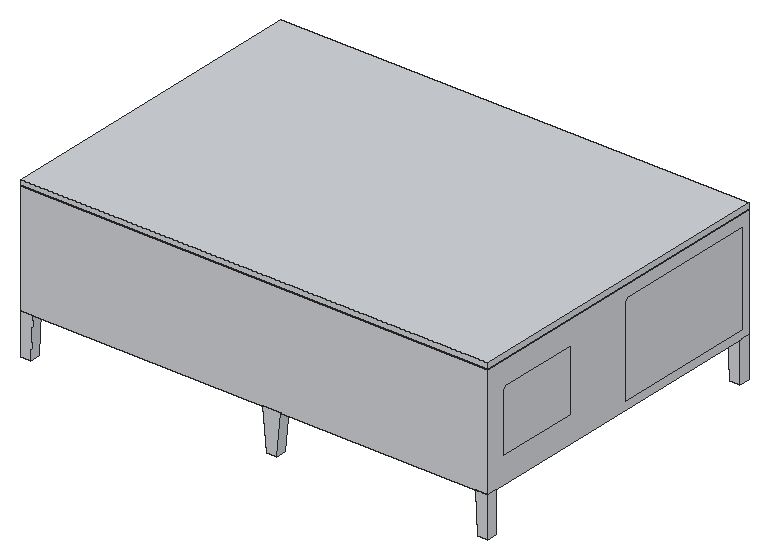
Revit family "AHU 3 _3", category Mechanické zařízení, Revit 2018
Family settings
  Kóta kulaté spojky = Použít průměr
  Typ dílu = Normální
  Číslo OmniClass = 23.75.00.00
  Nadpis OmniClass = Climate Control (HVAC)
  Založené na pracovní rovině = Ne
  Vždy vertikální = Ano
  Ořezat dutým tvarem při načtení = Ne
  Sdílené = Ne
  Bod výpočtu místnosti = Ne
Parameters (values of type "DUPLEXVENT 2500 Multi")
  Width [instance] = 1.6 mm
  Weight [instance] = 324.00 kg
  URL = ""
  Type [instance] = "DUPLEXVENT 2500 Multi"
  Total_SFP [instance] = 0
  Supply_outlet_hum [instance] = 90
  Supply_inlet_hum [instance] = 90
  Supply_ext_pressure [instance] = 0.0 Pa
  Supply_SFP [instance] = 0
  Source_adu_file [instance] = ""
  Recuperation_type [instance] = "Plate heat recovery exchanger"
  Recuperation_efficiency_EN308 [instance] = 0
  Project_name [instance] = ""
  Project_date [instance] = "9.8.2023"
  Power_supply_fusing [instance] = "0"
  Power_supply_cable [instance] = "0"
  Position [instance] = "AHU 3 "
  Phases_count [instance] = 3
  Panel_thickness [instance] = 0.06 mm
  Outer_surface [instance] = "RAL 9002"
  Length [instance] = 2.3 mm
  Insulation_type [instance] = "PUR"
  Insulation_thickness [instance] = 0.05 mm
  Installation_environment [instance] = ""
  Input_power_max [instance] = 5000 W
  Inner_surface [instance] = "Pozink"
  I2 [instance] = I1  # 0.0 L/s
  Height [instance] = 0.58 mm
  Exhaust_outlet_hum [instance] = 0
  Exhaust_inlet_hum [instance] = 40
  Exhaust_ext_pressure [instance] = 0.0 Pa
  Exhaust_SFP [instance] = 0
  E1 [instance] = E2 - M1  # 0.0 L/s
  E2 [instance] = 0.0 L/s
  I1 [instance] = 0.0 L/s
  Description = ""
  M1 [instance] = 0.0 L/s
  Device_dutypoint_version [instance] = "2"
  Device_design_version [instance] = "17"
  Device_adu_id [instance] = "3"
  Current_max [instance] = 8 A
  Casing_mat [instance] = "painted zinc layer"
  Cable type [instance] = "CYKY 5Jx2,5"
Reference planes
  plane 1 "Střed (vpředu/vzadu)": y = 0
  plane 2 "ref": z = 0
  plane 3 "Střed (vlevo/vpravo)": x = 0
Forms (mm)
  Sweep 1, solid
    path origin (0, 0, -550) x (0, 0, 1) y (1, 0, 0)
      loop
        line (0, 0) -> (550, 0)
    profile origin (0, 0, -550) x (1, 0, 0) y (0, 1, 0)
      loop
        line (0, 0) -> (2300, 0) -> (2300, 1600) -> (0, 1600) -> (0, 0)
  Sweep 2, solid
    path origin (0, 0, 0) x (0, 0, 1) y (1, 0, 0)
      loop
        line (0, 0) -> (30, 0)
    profile origin (0, 0, 0) x (1, 0, 0) y (0, 1, 0)
      loop
        line (0, 0) -> (2300, 0) -> (2300, 1600) -> (0, 1600) -> (0, 0)
  Sweep 3, solid
    path origin (1, 300, -270) x (0, 1, 0) y (-1, 0, 0)
      loop
        line (0, 0) -> (0, 1)
    profile origin (1, 300, -270) x (0, -1, 0) y (0, 0, 1)
      loop
        line (-200, 150) -> (-200, -150) -> (200, -150) -> (200, 150) -> (-200, 150)
  Sweep 4, solid
    path origin (2299, 1205, -285) x (1, 0, 0) y (0, 1, 0)
      loop
        line (0, 0) -> (1, 0)
    profile origin (2299, 1205, -285) x (0, 1, 0) y (0, 0, 1)
      loop
        line (355, 225) -> (-355, 225) -> (-355, -225) -> (355, -225) -> (355, 225)
  Sweep 5, solid
    path origin (2299, 300, -270) x (1, 0, 0) y (0, 1, 0)
      loop
        line (0, 0) -> (1, 0)
    profile origin (2299, 300, -270) x (0, 1, 0) y (0, 0, 1)
      loop
        line (200, 150) -> (-200, 150) -> (-200, -150) -> (200, -150) -> (200, 150)
  Sweep 6, solid
    path origin (1, 1205, -285) x (0, 1, 0) y (-1, 0, 0)
      loop
        line (0, 0) -> (0, 1)
    profile origin (1, 1205, -285) x (0, -1, 0) y (0, 0, 1)
      loop
        line (-355, 225) -> (-355, -225) -> (355, -225) -> (355, 225) -> (-355, 225)
  Sweep 7, solid
    path origin (404, 1508, -550) x (0, -1, 0) y (0, 0, 1)
      loop
        line (0, 0) -> (0, -150)
    profile origin (404, 1508, -550) x (-1, 0, 0) y (0, -1, 0)
      loop
        circle (0, 0) r 20
  Sweep 8, solid
    path origin (1208, 1508, -550) x (0, -1, 0) y (0, 0, 1)
      loop
        line (0, 0) -> (0, -150)
    profile origin (1208, 1508, -550) x (-1, 0, 0) y (0, -1, 0)
      loop
        circle (0, 0) r 20
  Sweep 9, solid
    path origin (0, 0, 5) x (0, 0, 1) y (1, 0, 0)
      loop
        line (0, 0) -> (25, 0)
    profile origin (0, 0, 5) x (1, 0, 0) y (0, 1, 0)
      loop
        line (0, 0) -> (2300, 0) -> (2300, 1600) -> (0, 1600) -> (0, 0)
  Sweep 10, solid
    path origin (25, 50, -550) x (1, 0, 0) y (0, 1, 0)
      loop
        line (0, 0) -> (0, -50)
    profile origin (25, 50, -550) x (1, 0, 0) y (0, 0, 1)
      loop
        line (-25, 0) -> (-25, -200) -> (25, -200) -> (35, 0) -> (-25, 0)
  Sweep 11, solid
    path origin (2275, 50, -550) x (1, 0, 0) y (0, 1, 0)
      loop
        line (0, 0) -> (0, -50)
    profile origin (2275, 50, -550) x (1, 0, 0) y (0, 0, 1)
      loop
        line (-35, 0) -> (-25, -200) -> (25, -200) -> (25, 0) -> (-35, 0)
  Sweep 12, solid
    path origin (25, 1600, -550) x (1, 0, 0) y (0, 1, 0)
      loop
        line (0, 0) -> (0, -50)
    profile origin (25, 1600, -550) x (1, 0, 0) y (0, 0, 1)
      loop
        line (-25, 0) -> (-25, -200) -> (25, -200) -> (35, 0) -> (-25, 0)
  Sweep 13, solid
    path origin (2275, 1600, -550) x (1, 0, 0) y (0, 1, 0)
      loop
        line (0, 0) -> (0, -50)
    profile origin (2275, 1600, -550) x (1, 0, 0) y (0, 0, 1)
      loop
        line (-35, 0) -> (-25, -200) -> (25, -200) -> (25, 0) -> (-35, 0)
  Sweep 14, solid
    path origin (1237, 50, -550) x (1, 0, 0) y (0, 1, 0)
      loop
        line (0, 0) -> (0, -50)
    profile origin (1237, 50, -550) x (1, 0, 0) y (0, 0, 1)
      loop
        line (-45, 0) -> (-25, -200) -> (25, -200) -> (45, 0) -> (-45, 0)
  Sweep 15, solid
    path origin (1063, 1600, -550) x (1, 0, 0) y (0, 1, 0)
      loop
        line (0, 0) -> (0, -50)
    profile origin (1063, 1600, -550) x (1, 0, 0) y (0, 0, 1)
      loop
        line (-45, 0) -> (-25, -200) -> (25, -200) -> (45, 0) -> (-45, 0)
  Sweep 16, solid
    path origin (1150, 830, -550) x (1, 0, 0) y (0, 1, 0)
      loop
        line (0, 0) -> (0, -50)
    profile origin (1150, 830, -550) x (1, 0, 0) y (0, 0, 1)
      loop
        line (-45, 0) -> (-25, -200) -> (25, -200) -> (45, 0) -> (-45, 0)
  Sweep 17, solid
    path origin (0, 0, -473) x (0, 0, 1) y (1, 0, 0)
      loop
        line (0, 0) -> (305, 0)
    profile origin (0, 0, -473) x (1, 0, 0) y (0, 1, 0)
      loop
        line (575, 1600) -> (980, 1600) -> (980, 1690) -> (575, 1690) -> (575, 1600)
  Sweep 18, solid
    path origin (575, 1645, -321) x (0, 0, -1) y (1, 0, 0)
      loop
        line (0, 0) -> (0, -1)
    profile origin (575, 1645, -321) x (0, 0, -1) y (0, -1, 0)
      loop
        circle (0, 0) r 10
Lines and regions (mm)
  model lines, style "Symbol"
    curve 1: line (943, 0, 30) -> (943, 320, 30)
    curve 2: line (943, 1600, 30) -> (943, 1280, 30)
    curve 3: line (0, 800, 30) -> (463, 800, 30)
    curve 4: line (2300, 800, 30) -> (1423, 800, 30)
    curve 5: line (463, 800, 30) -> (703, 1280, 30)
    curve 6: line (703, 1280, 30) -> (1183, 1280, 30)
    curve 7: line (1183, 1280, 30) -> (1423, 800, 30)
    curve 8: line (1423, 800, 30) -> (1183, 320, 30)
    curve 9: line (1183, 320, 30) -> (943, 320, 30)
    curve 10: line (943, 320, 30) -> (703, 320, 30)
    curve 11: line (703, 320, 30) -> (463, 800, 30)
    curve 12: line (1948, 1314, 30) -> (2204, 1270, 30)
    curve 13: line (1948, 1086, 30) -> (2204, 1130, 30)
    curve 14: line (352, 1086, 30) -> (96, 1130, 30)
    curve 15: line (352, 1314, 30) -> (96, 1270, 30)
    curve 16: line (46, 160, 30) -> (46, 640, 30)
    curve 17: line (46, 640, 30) -> (184, 640, 30)
    curve 18: line (184, 640, 30) -> (184, 160, 30)
    curve 19: line (184, 160, 30) -> (46, 160, 30)
    curve 20: line (115, 160, 30) -> (184, 400, 30)
    curve 21: line (115, 640, 30) -> (184, 400, 30)
    curve 22: line (2254, 640, 30) -> (2254, 160, 30)
    curve 23: line (2254, 160, 30) -> (2116, 160, 30)
    curve 24: line (2116, 160, 30) -> (2116, 640, 30)
    curve 25: line (2116, 640, 30) -> (2254, 640, 30)
    curve 26: line (2185, 640, 30) -> (2116, 400, 30)
    curve 27: line (2185, 160, 30) -> (2116, 400, 30)
    curve 28: line (616, 280, 30) -> (398, 708, 30)
    curve 29: line (398, 708, 30) -> (470, 744, 30)
    curve 30: line (470, 744, 30) -> (688, 316, 30)
    curve 31: line (688, 316, 30) -> (616, 280, 30)
    curve 32: line (485, 554, 30) -> (513, 641, 30)
    curve 33: line (573, 383, 30) -> (601, 470, 30)
    curve 34: line (378, 1508, -550) -> (430, 1508, -550)
    curve 35: line (404, 1482, -550) -> (404, 1534, -550)
    curve 36: line (1182, 1508, -550) -> (1234, 1508, -550)
    curve 37: line (1208, 1482, -550) -> (1208, 1534, -550)
    curve 38: line (0, 0, 1230) -> (0, 0, 30)
    curve 39: line (2300, 0, 1230) -> (2300, 0, 30)
    curve 40: line (0, 0, 1230) -> (2300, 0, 1230)
    curve 41: line (0, 1600, 1230) -> (0, 1600, 30)
    curve 42: line (2300, 1600, 1230) -> (2300, 1600, 30)
    curve 43: line (0, 1600, 1230) -> (2300, 1600, 1230)
    curve 44: line (0, 0, 1230) -> (0, 1600, 1230)
    curve 45: line (2300, 0, 1230) -> (2300, 1600, 1230)
    curve 46: line (0, 1400, 1230) -> (200, 1600, 1230)
    curve 47: line (0, 1200, 1230) -> (400, 1600, 1230)
    curve 48: line (0, 1000, 1230) -> (600, 1600, 1230)
    curve 49: line (0, 800, 1230) -> (800, 1600, 1230)
    curve 50: line (0, 600, 1230) -> (1000, 1600, 1230)
    curve 51: line (0, 400, 1230) -> (1200, 1600, 1230)
    curve 52: line (0, 200, 1230) -> (1400, 1600, 1230)
    curve 53: line (0, 0, 1230) -> (1600, 1600, 1230)
    curve 54: line (200, 0, 1230) -> (1800, 1600, 1230)
    curve 55: line (400, 0, 1230) -> (2000, 1600, 1230)
    curve 56: line (600, 0, 1230) -> (2200, 1600, 1230)
    curve 57: line (800, 0, 1230) -> (2300, 1500, 1230)
    curve 58: line (1000, 0, 1230) -> (2300, 1300, 1230)
    curve 59: line (1200, 0, 1230) -> (2300, 1100, 1230)
    curve 60: line (1400, 0, 1230) -> (2300, 900, 1230)
    curve 61: line (1600, 0, 1230) -> (2300, 700, 1230)
    curve 62: line (1800, 0, 1230) -> (2300, 500, 1230)
    curve 63: line (2000, 0, 1230) -> (2300, 300, 1230)
    curve 64: line (2200, 0, 1230) -> (2300, 100, 1230)
    curve 65: line (2300, 1400, 1230) -> (2300, 1600, 1030)
    curve 66: line (2300, 1200, 1230) -> (2300, 1600, 830)
    curve 67: line (2300, 1000, 1230) -> (2300, 1600, 630)
    curve 68: line (2300, 800, 1230) -> (2300, 1600, 430)
    curve 69: line (2300, 600, 1230) -> (2300, 1600, 230)
    curve 70: line (2300, 400, 1230) -> (2300, 1600, 30)
    curve 71: line (2300, 200, 1230) -> (2300, 1400, 30)
    curve 72: line (2300, 0, 1230) -> (2300, 1200, 30)
    curve 73: line (2300, 0, 1030) -> (2300, 1000, 30)
    curve 74: line (2300, 0, 830) -> (2300, 800, 30)
    curve 75: line (2300, 0, 630) -> (2300, 600, 30)
    curve 76: line (2300, 0, 430) -> (2300, 400, 30)
    curve 77: line (2300, 0, 230) -> (2300, 200, 30)
    curve 78: line (0, 1600, 1030) -> (200, 1600, 1230)
    curve 79: line (0, 1600, 830) -> (400, 1600, 1230)
    curve 80: line (0, 1600, 630) -> (600, 1600, 1230)
    curve 81: line (0, 1600, 430) -> (800, 1600, 1230)
    curve 82: line (0, 1600, 230) -> (1000, 1600, 1230)
    curve 83: line (0, 1600, 30) -> (1200, 1600, 1230)
    curve 84: line (200, 1600, 30) -> (1400, 1600, 1230)
    curve 85: line (400, 1600, 30) -> (1600, 1600, 1230)
    curve 86: line (600, 1600, 30) -> (1800, 1600, 1230)
    curve 87: line (800, 1600, 30) -> (2000, 1600, 1230)
    curve 88: line (1000, 1600, 30) -> (2200, 1600, 1230)
    curve 89: line (1200, 1600, 30) -> (2300, 1600, 1130)
    curve 90: line (1400, 1600, 30) -> (2300, 1600, 930)
    curve 91: line (1600, 1600, 30) -> (2300, 1600, 730)
    curve 92: line (1800, 1600, 30) -> (2300, 1600, 530)
    curve 93: line (2000, 1600, 30) -> (2300, 1600, 330)
    curve 94: line (2200, 1600, 30) -> (2300, 1600, 130)
    curve 95: line (0, 2320, 0) -> (0, 1600, 0)
    curve 96: line (2300, 2320, 0) -> (2300, 1600, 0)
    curve 97: line (0, 2320, 0) -> (2300, 2320, 0)
    curve 98: line (0, 2320, -550) -> (0, 1600, -550)
    curve 99: line (2300, 2320, -550) -> (2300, 1600, -550)
    curve 100: line (0, 2320, -550) -> (2300, 2320, -550)
    curve 101: line (0, 2320, 0) -> (0, 2320, -550)
    curve 102: line (2300, 2320, 0) -> (2300, 2320, -550)
    curve 103: line (0, 2320, -350) -> (200, 2320, -550)
    curve 104: line (0, 2320, -150) -> (400, 2320, -550)
    curve 105: line (50, 2320, 0) -> (600, 2320, -550)
    curve 106: line (250, 2320, 0) -> (800, 2320, -550)
    curve 107: line (450, 2320, 0) -> (1000, 2320, -550)
    curve 108: line (650, 2320, 0) -> (1200, 2320, -550)
    curve 109: line (850, 2320, 0) -> (1400, 2320, -550)
    curve 110: line (1050, 2320, 0) -> (1600, 2320, -550)
    curve 111: line (1250, 2320, 0) -> (1800, 2320, -550)
    curve 112: line (1450, 2320, 0) -> (2000, 2320, -550)
    curve 113: line (1650, 2320, 0) -> (2200, 2320, -550)
    curve 114: line (1850, 2320, 0) -> (2300, 2320, -450)
    curve 115: line (2050, 2320, 0) -> (2300, 2320, -250)
    curve 116: line (2250, 2320, 0) -> (2300, 2320, -50)
    curve 117: line (2300, 2320, -350) -> (2300, 2120, -550)
    curve 118: line (2300, 2320, -150) -> (2300, 1920, -550)
    curve 119: line (2300, 2270, 0) -> (2300, 1720, -550)
    curve 120: line (2300, 2070, 0) -> (2300, 1600, -470)
    curve 121: line (2300, 1870, 0) -> (2300, 1600, -270)
    curve 122: line (2300, 1670, 0) -> (2300, 1600, -70)
    curve 123: line (0, 2120, -550) -> (200, 2320, -550)
    curve 124: line (0, 1920, -550) -> (400, 2320, -550)
    curve 125: line (0, 1720, -550) -> (600, 2320, -550)
    curve 126: line (80, 1600, -550) -> (800, 2320, -550)
    curve 127: line (280, 1600, -550) -> (1000, 2320, -550)
    curve 128: line (480, 1600, -550) -> (1200, 2320, -550)
    curve 129: line (680, 1600, -550) -> (1400, 2320, -550)
    curve 130: line (880, 1600, -550) -> (1600, 2320, -550)
    curve 131: line (1080, 1600, -550) -> (1800, 2320, -550)
    curve 132: line (1280, 1600, -550) -> (2000, 2320, -550)
    curve 133: line (1480, 1600, -550) -> (2200, 2320, -550)
    curve 134: line (1680, 1600, -550) -> (2300, 2220, -550)
    curve 135: line (1880, 1600, -550) -> (2300, 2020, -550)
    curve 136: line (2080, 1600, -550) -> (2300, 1820, -550)
    curve 137: line (2280, 1600, -550) -> (2300, 1620, -550)
    curve 138: line (2300, 0, -750) -> (2300, 0, -550)
    curve 139: line (0, 0, -750) -> (0, 0, -550)
    curve 140: line (2300, 0, -750) -> (0, 0, -750)
    curve 141: line (2300, 1600, -750) -> (2300, 1600, -550)
    curve 142: line (0, 1600, -750) -> (0, 1600, -550)
    curve 143: line (2300, 1600, -750) -> (0, 1600, -750)
    curve 144: line (2300, 0, -750) -> (2300, 1600, -750)
    curve 145: line (0, 0, -750) -> (0, 1600, -750)
    curve 146: line (2300, 1400, -750) -> (2100, 1600, -750)
    curve 147: line (2300, 1200, -750) -> (1900, 1600, -750)
    curve 148: line (2300, 1000, -750) -> (1700, 1600, -750)
    curve 149: line (2300, 800, -750) -> (1500, 1600, -750)
    curve 150: line (2300, 600, -750) -> (1300, 1600, -750)
    curve 151: line (2300, 400, -750) -> (1100, 1600, -750)
    curve 152: line (2300, 200, -750) -> (900, 1600, -750)
    curve 153: line (2300, 0, -750) -> (700, 1600, -750)
    curve 154: line (2100, 0, -750) -> (500, 1600, -750)
    curve 155: line (1900, 0, -750) -> (300, 1600, -750)
    curve 156: line (1700, 0, -750) -> (100, 1600, -750)
    curve 157: line (1500, 0, -750) -> (0, 1500, -750)
    curve 158: line (1300, 0, -750) -> (0, 1300, -750)
    curve 159: line (1100, 0, -750) -> (0, 1100, -750)
    curve 160: line (900, 0, -750) -> (0, 900, -750)
    curve 161: line (700, 0, -750) -> (0, 700, -750)
    curve 162: line (500, 0, -750) -> (0, 500, -750)
    curve 163: line (300, 0, -750) -> (0, 300, -750)
    curve 164: line (100, 0, -750) -> (0, 100, -750)
    curve 165: line (0, 1400, -750) -> (0, 1600, -550)
    curve 166: line (0, 1200, -750) -> (0, 1400, -550)
    curve 167: line (0, 1000, -750) -> (0, 1200, -550)
    curve 168: line (0, 800, -750) -> (0, 1000, -550)
    curve 169: line (0, 600, -750) -> (0, 800, -550)
    curve 170: line (0, 400, -750) -> (0, 600, -550)
    curve 171: line (0, 200, -750) -> (0, 400, -550)
    curve 172: line (0, 0, -750) -> (0, 200, -550)
    curve 173: line (2300, 1600, -550) -> (2100, 1600, -750)
    curve 174: line (2100, 1600, -550) -> (1900, 1600, -750)
    curve 175: line (1900, 1600, -550) -> (1700, 1600, -750)
    curve 176: line (1700, 1600, -550) -> (1500, 1600, -750)
    curve 177: line (1500, 1600, -550) -> (1300, 1600, -750)
    curve 178: line (1300, 1600, -550) -> (1100, 1600, -750)
    curve 179: line (1100, 1600, -550) -> (900, 1600, -750)
    curve 180: line (900, 1600, -550) -> (700, 1600, -750)
    curve 181: line (700, 1600, -550) -> (500, 1600, -750)
    curve 182: line (500, 1600, -550) -> (300, 1600, -750)
    curve 183: line (300, 1600, -550) -> (100, 1600, -750)
    curve 184: line (100, 1600, -550) -> (0, 1600, -650)
    curve 185: line (0, 0, 30) -> (0, 1600, 30)
    curve 186: line (0, 1600, 30) -> (920, 1600, 30)
    curve 187: line (920, 1600, 30) -> (920, 0, 30)
    curve 188: line (920, 0, 30) -> (0, 0, 30)
    curve 189: line (1180, 0, 30) -> (1180, 1600, 30)
    curve 190: line (1180, 1600, 30) -> (2300, 1600, 30)
    curve 191: line (2300, 1600, 30) -> (2300, 0, 30)
    curve 192: line (2300, 0, 30) -> (1180, 0, 30)
    curve 193: line (0, 0, 30) -> (2300, 0, 30)
    curve 194: line (0, 1600, 30) -> (2300, 1600, 30)
    curve 195: line (0, 0, 30) -> (0, 1600, 30)
    curve 196: line (2300, 0, 30) -> (2300, 1600, 30)
    curve 197: line (0, 0, 30) -> (0, 0, 5)
    curve 198: line (2300, 0, 30) -> (2300, 0, 5)
    curve 199: line (0, 1600, 30) -> (0, 1600, 5)
    curve 200: line (2300, 1600, 30) -> (2300, 1600, 5)
    curve 201: circle (2060, 1200, 30) r 160 normal (0, 0, 1)
    curve 202: circle (240, 1200, 30) r 160 normal (0, 0, 1)
    curve 203: circle (499, 598, 30) r 12 normal (0, 0, 1)
    curve 204: circle (587, 426, 30) r 12 normal (0, 0, 1)
    curve 205: circle (404, 1508, -550) r 20 normal (0, 0, 1)
    curve 206: circle (1208, 1508, -550) r 20 normal (0, 0, 1)
Dimensions and locks
  aligned and locked: level to plane 2 "ref"
Connectors
  hvac at (0, 300, -270), driven by "E1"
    settings: on Sweep 3, index 1, duct flow 0.0 L/s, flow factor 0, pres drop 0.0 Pa, loss coef 0, conn angle 0.00°, conn width 400 mm, conn height 300 mm, conn diameter 609.6 mm, duct sys type 1, conn prof type 1, flow config 1, flow direction 1, loss method 0, conn ref index -1, conn util no, is conn primary yes, conn desc ""
  hvac at (2300, 1205, -285), driven by "E2"
    settings: on Sweep 4, index 2, duct flow 0.0 L/s, flow factor 1, pres drop 0.0 Pa, loss coef 0, conn angle 0.00°, conn width 710 mm, conn height 450 mm, conn diameter 609.6 mm, duct sys type 1, conn prof type 1, flow config 2, flow direction 2, loss method 0, conn ref index -1, conn util no, is conn primary no, conn desc ""
  hvac at (2300, 300, -270), driven by "I1"
    settings: on Sweep 5, index 3, duct flow 0.0 L/s, flow factor 1, pres drop 0.0 Pa, loss coef 0, conn angle 0.00°, conn width 400 mm, conn height 300 mm, conn diameter 609.6 mm, duct sys type 3, conn prof type 1, flow config 2, flow direction 1, loss method 0, conn ref index -1, conn util no, is conn primary no, conn desc ""
  hvac at (0, 1205, -285), driven by "I2"
    settings: on Sweep 6, index 4, duct flow 0.0 L/s, flow factor 0, pres drop 0.0 Pa, loss coef 0, conn angle 0.00°, conn width 710 mm, conn height 450 mm, conn diameter 609.6 mm, duct sys type 3, conn prof type 1, flow config 1, flow direction 2, loss method 0, conn ref index -1, conn util no, is conn primary no, conn desc ""
  piping at (404, 1508, -700), diameter 40
    settings: on Sweep 7, index 5, connector inside diameter 609.6 mm, connector length 0 mm, flow factor 0, pipe flow 0.0 L/s, pressure drop 0.0 Pa, fitting loss kfactor 0, connector angle 0.00°, fixture units 0, engagement length 0 mm, angle of deflection 0.00°, flow configuration 1, flow direction 2, fitting loss method 0, system type 16, joint type 0, gender type 0, connector reference index -1, connector utility 0, adjustable connector no, is connector primary yes, connector description ""
  piping at (1208, 1508, -700), diameter 40
    settings: on Sweep 8, index 6, connector inside diameter 609.6 mm, connector length 0 mm, flow factor 0, pipe flow 0.0 L/s, pressure drop 0.0 Pa, fitting loss kfactor 0, connector angle 0.00°, fixture units 0, engagement length 0 mm, angle of deflection 0.00°, flow configuration 1, flow direction 2, fitting loss method 0, system type 16, joint type 0, gender type 0, connector reference index -1, connector utility 0, adjustable connector no, is connector primary no, connector description ""
  electrical at (574, 1645, -321)
    settings: on Sweep 18, index 7, voltage 400 V, apparent load 0 VA, apparent load phase1 0 VA, apparent load phase2 0 VA, apparent load phase3 0 VA, power factor 1, load classification "Další", number of poles 3, system type 31, power factor state 1, is connector primary yes, connector utility no, sub classification motor no, connector description ""
